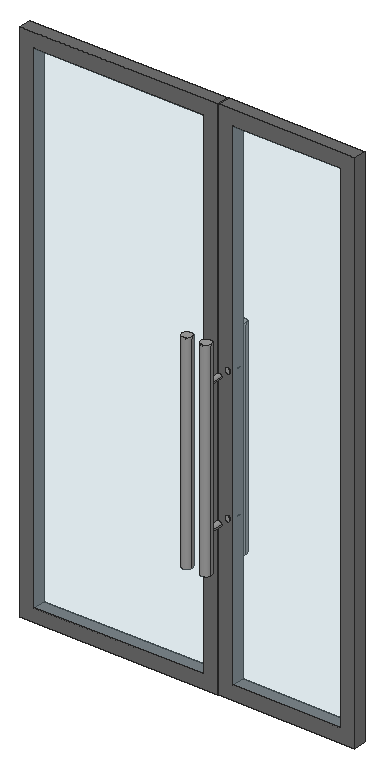
Revit family "АВЛН_Дверь витражная_Разнопольная", category Двери, Revit 2019
Family settings
  Всегда вертикально = Да
  При загрузке вырезать с полостями = Нет
  Общий = Нет
  Точка расчета площади = Нет
Parameters (values of type "неравнопольная витражная дверь - тонированная")
  ширина.2 [instance] = ширина - ширина.1  # 550 mm
  ширина.1 [instance] = 800 mm
  ширина [instance] = 1350 mm
  Функция = Наружные слои
  Угол открывания [instance] = 45.00°
  Тонкая линия проема = yes
  Толщина = 50 mm
  Остекление = ADSK_Стекло_Прозрачное тонированное
  Высота нижней части = 55 mm
  Аналитическая конструкция = "<Нет>"
  Смещение [instance] = 55 mm
  Material = AVLN_Материал импоста_RAL 7024
  Glazing Material = ADSK_Стекло_Прозрачное тонированное
  Assembly Code = ""
Types (2, lengths in mm): name | Тонкая линия проема | Остекление | Высота нижней части | Смещение | Material | Glazing Material
  неравнопольная витражная дверь - прозрачное | no | AVLN_Остекление окон и дверей | 300 | 10 | 5.Дверь_Витраж RAL 7016 | ADSK_Стекло_Прозрачное бесцветное
  неравнопольная витражная дверь - тонированная | yes | ADSK_Стекло_Прозрачное тонированное | 55 | 55 | AVLN_Материал импоста_RAL 7024 | ADSK_Стекло_Прозрачное тонированное
Reference planes
  plane 1 "Center (Front/Back": y = 0
  plane 2: z = 0
  plane 3 "Center (Left/Right)": x = 582.523
  plane 4 "Left": x = -217.477
  plane 5 "Right": x = 1132.523
  plane 6 "Top": z = 2133.6
  plane 7: y = 105
  plane 8: y = 55
  plane 9: z = 1333.6
  plane 10 "Низ ручки": z = 500
  plane 11: z = 55
  plane 12: z = 1066.8
Forms (mm)
  Extrusion 1, solid, material "AVLN_Материал импоста_RAL 7024" <- "Material"
    sketch origin (0, 0, 0) x (1, 0, 0) y (0, 0, 1)
      loop
        line (1132.523, 2133.6) -> (583.317, 2133.6) -> (583.317, 0) -> (1132.523, 0) -> (1132.523, 2133.6)
      loop
        line (1075.373, 2076.45) -> (640.467, 2076.45) -> (640.467, 55) -> (1075.373, 55) -> (1075.373, 2076.45)
      loop
        line (581.317, 2133.6) -> (-217.477, 2133.6) -> (-217.477, 0) -> (581.317, 0) -> (581.317, 2133.6)
      loop
        line (524.579, 55) -> (524.579, 2076.45) -> (-160.214, 2076.45) -> (-160.214, 55) -> (524.579, 55)
    from -55 to -105
  Extrusion 2, solid, material "ADSK_Стекло_Прозрачное тонированное" <- "Остекление"
    sketch origin (-7.944, 105, 0) x (1, 0, 0) y (0, 0, 1)
      loop
        line (648.411, 55) -> (1083.317, 55) -> (1083.317, 2076.45) -> (648.411, 2076.45) -> (648.411, 55)
      loop
        line (532.523, 55) -> (532.523, 2076.45) -> (-152.271, 2076.45) -> (-152.271, 55) -> (532.523, 55)
    from 50 to 0
  Extrusion 3, solid, material "По умолчанию"
    sketch origin (175.415, -20, 0) x (-1, 0, 0) y (0, -1, 0)
      loop
        circle (-445.271, 34.45) r 20
    from 500 to 1333.6
  Extrusion 4, solid, material "По умолчанию"
    sketch origin (-10, 55, 0) x (-1, 0, 0) y (0, 0, 1)
      loop
        circle (-630.686, 1183.6) r 10
    from 0 to 50
  Extrusion 5, solid, material "По умолчанию"
    sketch origin (-10, 55, 0) x (-1, 0, 0) y (0, 0, 1)
      loop
        circle (-630.686, 650) r 10
    from 0 to 50
  Extrusion 6, solid, material "По умолчанию"
    sketch origin (175.415, 87.7, 0) x (-1, 0, 0) y (0, -1, 0)
      loop
        circle (-445.271, -34.45) r 20
    from 500 to 1333.6
  Extrusion 7, solid, material "По умолчанию"
    sketch origin (191.206, 105, -6.84) x (1, 0, 0) y (0, 0, 1)
      loop
        circle (353.154, 1190.44) r 10
    from 0 to 50
  Extrusion 8, solid, material "По умолчанию"
    sketch origin (92.39, 105, -1401.84) x (1, 0, 0) y (0, 0, 1)
      loop
        circle (453.154, 2051.84) r 10
    from 0 to 50
  Extrusion 9, solid, material "По умолчанию"
    sketch origin (189.631, -20, 0) x (1, 0, 0) y (0, 1, 0)
      loop
        circle (354.729, -34.45) r 20
    from 500 to 1333.6
  Extrusion 10, solid, material "По умолчанию"
    sketch origin (375.046, 55, 0) x (1, 0, 0) y (0, 0, -1)
      loop
        circle (169.314, -1183.6) r 10
    from 0 to 50
  Extrusion 11, solid, material "По умолчанию"
    sketch origin (375.046, 55, 0) x (1, 0, 0) y (0, 0, -1)
      loop
        circle (169.314, -650) r 10
    from 0 to 50
  Extrusion 12, solid, material "По умолчанию"
    sketch origin (189.631, 87.7, 0) x (1, 0, 0) y (0, 1, 0)
      loop
        circle (354.729, 34.45) r 20
    from 500 to 1333.6
  Extrusion 13, solid, material "По умолчанию"
    sketch origin (-10, 10.55, 0) x (-1, 0, 0) y (0, 0, -1)
      loop
        circle (-630.686, -1183.6) r 10
    from 0 to 50
  Extrusion 14, solid, material "По умолчанию"
    sketch origin (-10, 10.55, 0) x (-1, 0, 0) y (0, 0, -1)
      loop
        circle (-630.686, -650) r 10
    from 0 to 50
Lines and regions (mm)
  Masking region 1, visible <- "Тонкая линия проема"
    outline origin (525.259, 738.242, 0) x (1, 0, 0) y (0, 1, 0)
      loop
        line (-742.736, -633.242) -> (-742.736, -638.242) -> (-742.736, -743.242) -> (-742.736, -783.71) -> (607.264, -783.71) -> (607.264, -743.242) -> (607.264, -638.242) -> (607.264, -633.242) -> (-742.736, -633.242)
  symbolic lines, style "DoorsGlassProjection", detail levels medium+fine
    curve 1: line (582.523, 55, 1066.8) -> (1132.523, 55, 0)
    curve 2: line (1132.523, 55, 2133.6) -> (582.523, 55, 1066.8)
    curve 3: line (582.523, 55, 1066.8) -> (-217.477, 55, 2133.6)
    curve 4: line (582.523, 55, 1066.8) -> (-217.477, 55, 0)
Text (mm)
  text "Exterior" at (-1422.424, 797.241, 0), in view "Base Line"
Dimensions and locks
  "ширина.1": plane 4 "Left" to plane 3 "Center (Left/Right)"
  locked: Extrusion 1 sketch curve to plane 5 "Right" at 57.15
  locked: Extrusion 1 sketch curve to plane 6 "Top" at 57.15
  equal spacing: Extrusion 1 sketch curve, plane 3 "Center (Left/Right)", Extrusion 1 sketch curve
  "Смещение": plane 1 "Center (Front/Back" to plane 8
  plane 2 to plane 6 "Top" = 2133.6 mm
  plane 9 to plane 6 "Top" = 800 mm
  locked: level to plane 10 "Низ ручки" at 500
  locked: Extrusion 1 to Extrusion 6 sketch curve at 17.369
  locked: Extrusion 1 to Extrusion 3 sketch curve at 17.369
  "ширина": plane 4 "Left" to plane 5 "Right"
  locked: Extrusion 8 sketch curve to plane 10 "Низ ручки" at 150
  locked: Extrusion 11 sketch curve to plane 10 "Низ ручки" at 150
  locked: Extrusion 5 sketch curve to plane 10 "Низ ручки" at 150
  locked: plane 9 to Extrusion 4 sketch curve at 150
  locked: Extrusion 14 sketch curve to plane 10 "Низ ручки" at 150
  locked: plane 9 to Extrusion 13 sketch curve at 150
  locked: plane 9 to Extrusion 7 sketch curve at 150
  plane 9 to Extrusion 10 sketch curve = 150 mm
  plane 3 "Center (Left/Right)" to plane 5 "Right" = 550 mm
  "Высота нижней части": level to plane 11
  equal spacing: level, plane 12, plane 6 "Top"
  "Толщина": plane 8 to plane 7
  aligned and locked: Extrusion 1 to plane 8
  aligned and locked: plane 7 to Extrusion 1
  aligned and locked: Extrusion 6 to Extrusion 3
  aligned and locked: Extrusion 3 to Extrusion 6
  aligned and locked: plane 10 "Низ ручки" to Extrusion 6
  aligned and locked: Extrusion 6 to plane 9
  aligned and locked: plane 4 "Left" to Extrusion 1
  aligned and locked: Extrusion 2 sketch curve to Extrusion 1
  aligned and locked: Extrusion 2 sketch curve to Extrusion 2 sketch curve
  aligned and locked: Extrusion 12 to Extrusion 9
  aligned and locked: Extrusion 9 to Extrusion 12
  aligned and locked: plane 10 "Низ ручки" to Extrusion 12
  aligned and locked: Extrusion 12 to plane 9
  aligned and locked: Extrusion 9 to plane 9
  aligned and locked: plane 10 "Низ ручки" to Extrusion 9
  aligned and locked: nested 1 to plane 4 "Left"
  aligned and locked: nested 2 to plane 5 "Right"
  aligned and locked: Extrusion 1 to Extrusion 2
  aligned and locked: Extrusion 2 to Extrusion 1  (x5)
  aligned and locked: plane 11 to Extrusion 1 sketch curve  (x2)
  aligned and locked: Extrusion 2 sketch curve to plane 11  (x2)
  aligned and locked: plane 4 "Left" to curve 4
  aligned and locked: plane 5 "Right" to curve 1
  aligned and locked: level to curve 1
  aligned and locked: level to curve 4
  aligned and locked: plane 3 "Center (Left/Right)" to curve 3
  aligned and locked: plane 12 to curve 1
  aligned and locked: plane 4 "Left" to Masking region 1
  aligned and locked: Masking region 1 to plane 5 "Right"
  aligned and locked: Masking region 1 sketch curve to plane 4 "Left"
  aligned and locked: Extrusion 2 to plane 8
  aligned and locked: plane 8 to nested 1
  aligned and locked: nested 2 to plane 8
  aligned and locked: Extrusion 2 to plane 7
Automatic sketch dimensions
  Extrusion 9 sketch curve to plane 3 "Center (Left/Right)" = 38.163 mm
  plane 1 "Center (Front/Back" to Extrusion 9 sketch curve = 54.45 mm
  Extrusion 12 sketch curve to plane 3 "Center (Left/Right)" = 38.163 mm
  Extrusion 12 sketch curve to plane 8 = 67.15 mm
  plane 3 "Center (Left/Right)" to Extrusion 13 sketch curve = 38.163 mm
  plane 3 "Center (Left/Right)" to Extrusion 14 sketch curve = 38.163 mm
  plane 4 "Left" to Extrusion 1 sketch curve = 0 mm
  Extrusion 1 sketch curve to level = 0 mm  (x2)
  Extrusion 1 sketch curve to plane 6 "Top" = 0 mm  (x2)
  plane 5 "Right" to Extrusion 1 sketch curve = 0 mm
  Extrusion 1 sketch curve to plane 4 "Left" = 57.263 mm
  Extrusion 1 sketch curve to plane 3 "Center (Left/Right)" = 57.944 mm
  Extrusion 1 sketch curve to plane 3 "Center (Left/Right)" = 1.206 mm
  plane 3 "Center (Left/Right)" to Extrusion 1 sketch curve = 0.794 mm
  plane 3 "Center (Left/Right)" to Extrusion 1 sketch curve = 57.944 mm
  plane 6 "Top" to Extrusion 1 sketch curve = 57.15 mm
  Extrusion 2 sketch curve to Extrusion 1 = 0 mm  (x2)
  Extrusion 1 to Extrusion 2 sketch curve = 0 mm  (x2)
  Extrusion 3 sketch curve to plane 3 "Center (Left/Right)" = 38.163 mm
  Extrusion 3 sketch curve to plane 1 "Center (Front/Back" = 54.45 mm
  Extrusion 4 sketch curve to Extrusion 1 = 19.781 mm
  Extrusion 5 sketch curve to Extrusion 1 = 19.781 mm
  plane 3 "Center (Left/Right)" to Extrusion 6 sketch curve = 38.163 mm
  Extrusion 6 sketch curve to plane 8 = 67.15 mm
  Extrusion 7 sketch curve to Extrusion 1 = 19.781 mm
  Extrusion 8 sketch curve to Extrusion 1 = 20.965 mm
  Extrusion 10 sketch curve to Extrusion 1 = 19.781 mm
  Extrusion 11 sketch curve to Extrusion 1 = 19.781 mm
  curve 3 to Extrusion 2 = 57.262 mm
  curve 2 to Extrusion 2 = 57.15 mm  (x2)
  curve 3 to Extrusion 2 = 57.15 mm
  Masking region 1 sketch curve to plane 5 "Right" = 0 mm
  plane 1 "Center (Front/Back" to Masking region 1 sketch curve = 45.467 mm
  plane 1 "Center (Front/Back" to Masking region 1 sketch curve = 5 mm  (x2)
  Masking region 1 sketch curve to plane 8 = 45 mm
  Masking region 1 sketch curve to plane 8 = 50 mm
  Masking region 1 sketch curve to Masking region 1 sketch curve = 5 mm
  radius of Extrusion 9 sketch curve = 20 mm
  radius of Extrusion 12 sketch curve = 20 mm
  radius of Extrusion 13 sketch curve = 10 mm
  radius of Extrusion 14 sketch curve = 10 mm
  radius of Extrusion 4 sketch curve = 10 mm
  radius of Extrusion 5 sketch curve = 10 mm
  radius of Extrusion 7 sketch curve = 10 mm
  radius of Extrusion 8 sketch curve = 10 mm
  radius of Extrusion 10 sketch curve = 10 mm
  radius of Extrusion 11 sketch curve = 10 mm
Nested families
  nested 1: "балкон.дверь.план" at (-217.477, 55, 0), ширина <- "ширина.1", type "балкон.дверь.план", detail levels medium+fine
    with ширина 800 mm
  nested 2: "балкон.дверь.план" at (1132.523, 55, 0) x (-1, 0, 0) z (0, 0, 1), ширина <- "ширина.2", type "балкон.дверь.план", detail levels medium+fine
    with ширина 550 mm
Definition of nested family "балкон.дверь.план"
  Parameters (values of type "балкон.дверь.план")
    ширина.двери = 750 mm
    ширина [instance] = 397.4 mm
    толщина = 100 mm
  Reference planes
    plane 1 "По центру (Вперед/Назад)": y = 0
    plane 2: z = 0
    plane 3 "По центру (Влево/Вправо)": x = 0
  Lines and regions (mm)
    detail lines, in view "Опорный уровень"
      curve 1: line (0, 0, 0) -> (344.159, -198.7, 0)
  Dimensions and locks
    "ширина": curve 1 to curve 1
    locked: curve 1 to plane 1 "По центру (Вперед/Назад)" (angle 30.00°)
    aligned and locked: plane 1 "По центру (Вперед/Назад)" to curve 1
    aligned and locked: plane 3 "По центру (Влево/Вправо)" to curve 1
  Automatic sketch dimensions
    plane 1 "По центру (Вперед/Назад)" to curve 1 = 0 mm
